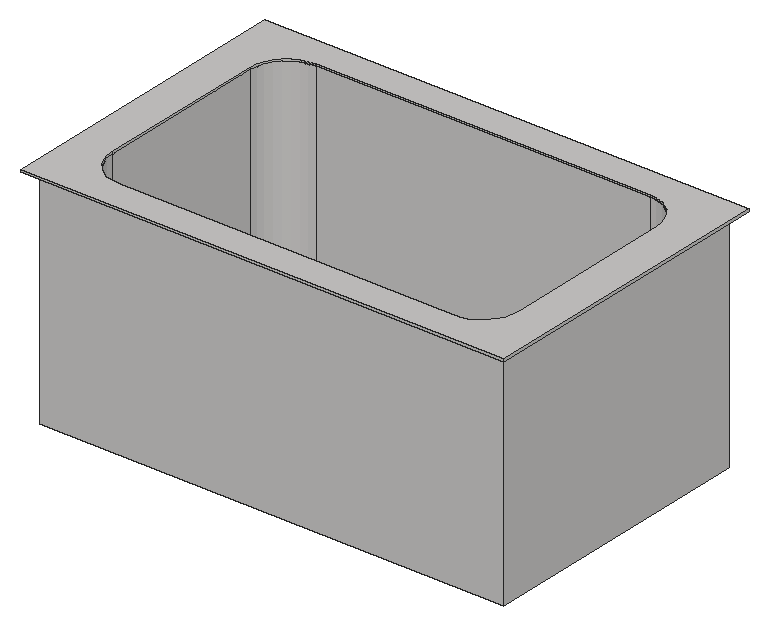
Revit family "QF_BOURGEAT_modele_a_encastrer", category Equipement spécialisé, Revit 2015
Parameters
  URL Fabricant = "http://www.bourgeat.fr"
  URL = ""
  Type de Raccord Plomberie = ""
  Type de Raccord Electrique = ""
  Type article = ""
  Tension = 230 V
  Spécification du Fabricant = "bain_marie_de_table_à_encastrer"
  Remarques Electricité = ""
  Puissance électrique  = 700 W
  Profondeur hors tout = 360 mm
  Poids net à vide = 13.00 kg
  Phase = 2
  Niveau_sonore = ""
  Nature isolant = "30mm de laine de roche"
  Modèle = "868001"
  Longueur hors tout = 600 mm
  Intensité nominale = 3.04348 A
  Indice de protection = "IP21"
  Hauteur hors tout = 380 mm
  Fréquence = 50 Hz
  Fabricant = "BOURGEAT"
  Diamètre de Raccordement Evacuation = 26.4 mm
  Contact SAV = "0033(4).76.32.14.44"
  Charge max = 30.00 kg
Reference planes
  plane 1 "Centre (avant/arrière)": y = 0
  plane 2: z = 0
  plane 3 "Centre (gauche/droite)": x = 0
  plane 4: x = 300
  plane 5: x = -300
  plane 6: y = 190
  plane 7: y = -190
  plane 8: z = 282.5
  plane 9: z = 285
  plane 10: z = 0
  plane 11: x = -288
  plane 12: x = 288
  plane 13: y = 175
  plane 14: y = -175
  plane 15: z = 59.5
  plane 16: x = 312.5
  plane 17: x = 297
  plane 18: z = 196.5
  plane 19: z = 196
  plane 20: x = -205
  plane 21: z = -143
  plane 22: y = -132.5
  plane 23: z = 35.8
Forms (mm)
  Extrusion 1, solid, material "Acier inoxydable, brossé"
    sketch origin (0, 0, 0) x (1, 0, 0) y (0, 1, 0)
      loop
        line (-300, 190) -> (-300, -190) -> (300, -190) -> (300, 190) -> (-300, 190)
    from 282.5 to 285
  Extrusion 2, solid, material "Acier inoxydable, brossé"
    sketch origin (0, 0, 0) x (1, 0, 0) y (0, 1, 0)
      loop
        line (-288, 175) -> (-288, -175) -> (288, -175) -> (288, 175) -> (-288, 175)
    from 0 to 282.5
  Extrusion 3, void
    sketch origin (0, 0, 0) x (1, 0, 0) y (0, 1, 0)
      loop
        arc (-207.5, 152.5) -> (-239.32, 139.32) -> (-252.5, 107.5) r 45
        line (-252.5, 107.5) -> (-252.5, -107.5)
        arc (-252.5, -107.5) -> (-239.32, -139.32) -> (-207.5, -152.5) r 45
        line (-207.5, -152.5) -> (207.5, -152.5)
        arc (207.5, -152.5) -> (239.32, -139.32) -> (252.5, -107.5) r 45
        line (252.5, -107.5) -> (252.5, 107.5)
        arc (252.5, 107.5) -> (239.32, 139.32) -> (207.5, 152.5) r 45
        line (207.5, 152.5) -> (-207.5, 152.5)
    from 59.5 to 296.099
  Extrusion 4, solid
    sketch origin (0, 0, 0) x (0, 1, 0) y (0, 0, 1)
      loop
        circle (-132.5, 35.8) r 11
    from -288 to -296.597
  Extrusion 5, void
    sketch origin (0, 0, 0) x (1, 0, 0) y (0, 1, 0)
      loop
        circle (-205, 0) r 10
    from 0 to 250
Cuts and joins
  Extrusion 3 cuts Extrusion 1
  Extrusion 3, Extrusion 5 cuts Extrusion 2
Dimensions and locks
  plane 5 to plane 4 = 600 mm
  plane 6 to plane 7 = 380 mm
  equal spacing: plane 5, plane 3 "Centre (gauche/droite)", plane 4
  equal spacing: plane 6, plane 1 "Centre (avant/arrière)", plane 7
  equal spacing: plane 14, plane 1 "Centre (avant/arrière)", plane 13
  plane 14 to plane 13 = 350 mm
  equal spacing: plane 11, plane 3 "Centre (gauche/droite)", plane 12
  plane 11 to plane 12 = 576 mm
  plane 9 to plane 2 = 285 mm
  locked: plane 9 to plane 8 at 2.5
  plane 9 to plane 21 = 428 mm
  plane 9 to plane 15 = 225.5 mm
  plane 14 to plane 22 = 42.5 mm
  aligned and locked: level to plane 2
  aligned and locked: plane 4 to Extrusion 1
  aligned and locked: plane 9 to Extrusion 1
  aligned and locked: Extrusion 1 to plane 8
  aligned and locked: plane 8 to Extrusion 2
  aligned and locked: Extrusion 2 to plane 10
  aligned and locked: Extrusion 3 to plane 15
  aligned and locked: plane 6 to cut or joined group of Extrusion 1, Extrusion 3
  aligned and locked: plane 7 to cut or joined group of Extrusion 1, Extrusion 3
  aligned and locked: plane 2 to plane 10
  aligned and locked: plane 22 to Extrusion 4 sketch curve
  aligned and locked: Extrusion 4 sketch curve to plane 23
Automatic sketch dimensions
  Extrusion 1 sketch curve to plane 5 = 0 mm
  Extrusion 1 sketch curve to plane 4 = 0 mm
  Extrusion 1 sketch curve to plane 14 = 15 mm
  Extrusion 1 sketch curve to plane 13 = 15 mm
  Extrusion 2 sketch curve to plane 11 = 0 mm
  Extrusion 2 sketch curve to plane 12 = 0 mm
  Extrusion 2 sketch curve to plane 14 = 0 mm
  plane 13 to Extrusion 2 sketch curve = 0 mm
  plane 12 to Extrusion 3 sketch curve = 80.5 mm  (x2)
  plane 14 to Extrusion 3 sketch curve = 67.5 mm
  plane 12 to Extrusion 3 sketch curve = 35.5 mm
  plane 13 to Extrusion 3 sketch curve = 67.5 mm
  Extrusion 3 sketch curve to Extrusion 3 sketch curve = 45 mm  (x2)
  plane 11 to Extrusion 3 sketch curve = 80.5 mm
  plane 1 "Centre (avant/arrière)" to Extrusion 5 sketch curve = 0 mm
  Extrusion 5 sketch curve to plane 20 = 0 mm
  radius of Extrusion 4 sketch curve = 11 mm
  radius of Extrusion 5 sketch curve = 10 mm
Connectors
  electrical at (-296.597, -132.5, 35.8), driven by "Type de Raccord Electrique"
    settings: on Extrusion 4, index 1, voltage 0 V, apparent load 0 VA, apparent load phase1 0 VA, apparent load phase2 0 VA, apparent load phase3 0 VA, power factor 1, load classification "Autre", number of poles 1, system type 30, power factor state 1, is connector primary yes, connector utility no, sub classification motor no, connector description ""
  piping at (-205, 0, 0), diameter 20
    settings: on cut or joined group of Extrusion 2, Extrusion 3, Extrusion 5, index 2, connector inside diameter 609.6 mm, connector length 0 mm, flow factor 0, pipe flow 0.0 L/s, pressure drop 0.0 Pa, fitting loss kfactor 0, connector angle 0.00°, fixture units 0, engagement length 0 mm, angle of deflection 0.00°, flow configuration 0, flow direction 2, fitting loss method 0, system type 7, joint type 0, gender type 0, connector reference index -1, connector utility 0, adjustable connector no, is connector primary yes, connector description ""
